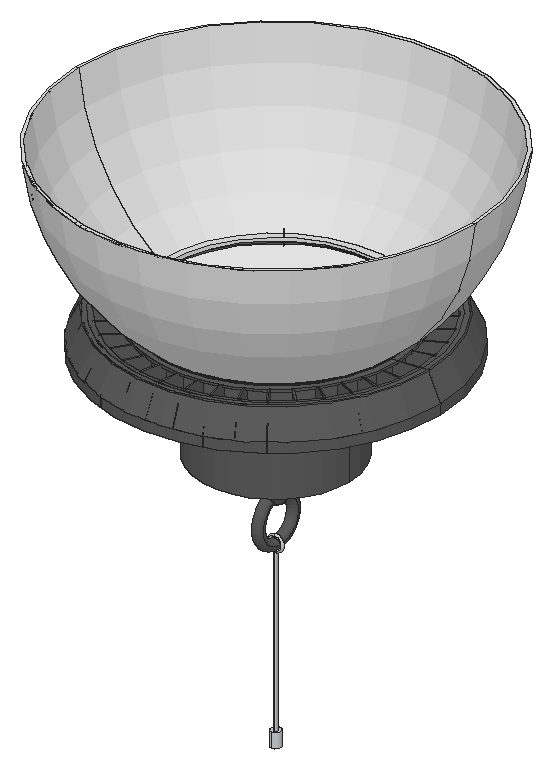
Revit family "0039349+0039359 Feilo Sylvania Lighting Fixture START HIGHBAY 4K 26KLM WIDE with ALU SHADE ALU COLOR FOR 26KLM", category Lighting Fixtures, host Face, Revit 2017
Family settings
  Host = Face
  Round Connector Dimension = Use Diameter
  Part Type = Normal
  OmniClass Number = 23.80.70.00
  OmniClass Title = Lighting
  Cut with Voids When Loaded = No
  Light Source = Yes
  Shared = No
  Room Calculation Point = No
Parameters (values of type "0039349+0039359 START HIGHBAY 4K 26KLM WIDE ALU SHADE ALU COLOR FOR 26KLM")
  WidthStraight_FEILO = if(SizeS_FEILO, 3 mm, if(SizeM_FEILO, 4 mm, 4.7 mm))  # 4.7 mm
  WidthRingChamfer_FEILO = if(SizeS_FEILO, 10.3 mm, if(SizeM_FEILO, 11.2 mm, 12.9 mm))  # 12.9 mm
  WidthCurved_FEILO = if(SizeS_FEILO, 17.4 mm, if(SizeM_FEILO, 16.4 mm, 26.2 mm))  # 26.2 mm
  WidthCurvedRing_FEILO = if(SizeS_FEILO, 3 mm, if(SizeM_FEILO, 4 mm, 4.7 mm))  # 4.7 mm
  WidthBracket_FEILO = 40 mm
  Weight = "3.7 kg"
  Wattage Comments = ""
  Wattage = 200 W
  WarrantyStartDate [instance] = "n/a"
  WarrantyGuarantorParts = "n/a"
  WarrantyDurationUnit = "n/a"
  WarrantyDurationParts = "n/a"
  WarrantyDescription = "n/a"
  built-in parameter 1150110 = 1 (stored number, unit not read)
  Voltage = 230 V
  VisibilityBracket_FEILO = no
  URL = "http://www.sylvania-lighting.com"
  TypeName = "START HIGHBAY 4K 26KLM WIDE ALU SHADE ALU COLOR FOR 26KLM"
  Type Image = <None>
  Type Comments = "n/a"
  built-in parameter 1114217 = 1 (stored number, unit not read)
  Tilt Angle = -90.00°
  ThicknessWall_FEILO = 1.5 mm
  ThicknessBracket_FEILO = 1.5 mm
  ThicknessBracketHalf_FEILO = ThicknessBracket_FEILO / 2  # 0.75 mm
  built-in parameter 1150109 = 1 (stored number, unit not read)
  built-in parameter 1150134 = 12
  SuspensionHeight_FEILO [instance] = 400 mm
  built-in parameter 1150113 = 1 (stored number, unit not read)
  SizeS_FEILO = no
  SizeM_FEILO = no
  ShadeThickness_FEILO = 3 mm
  ShadeSizeSM_FEILO = or(SizeS_FEILO, SizeM_FEILO)  # no
  ShadeRadiusOut_FEILO = 205 mm
  ShadeRadiusIn_FEILO = if(ShadeSizeSM_FEILO, 95 mm, 121 mm)  # 121 mm
  ShadeRadiusBend_FEILO = if(ShadeSizeSM_FEILO, 210 mm, 210 mm)  # 210 mm
  ShadeHeight_FEILO = if(ShadeSizeSM_FEILO, 120 mm, 151 mm)  # 151 mm
  SerialNumber [instance] = "n/a"
  Rib4_FEILO = if(SizeS_FEILO, 18.1 mm, if(SizeM_FEILO, 13.6 mm, 14.6 mm))  # 14.6 mm
  Rib3_FEILO = if(SizeS_FEILO, 15.3 mm, if(SizeM_FEILO, 17.6 mm, 20.2 mm))  # 20.2 mm
  Rib2_FEILO = if(SizeS_FEILO, 3.6 mm, if(SizeM_FEILO, 3.9 mm, 4.5 mm))  # 4.5 mm
  Rib1_FEILO = if(SizeS_FEILO, 15.1 mm, if(SizeM_FEILO, 16.5 mm, 19 mm))  # 19 mm
  RadiusDiffuser_FEILO = if(SizeS_FEILO, 95.2 mm, if(SizeM_FEILO, 105.3 mm, 120 mm))  # 120 mm
  RadiusArrayPost_FEILO = DriverRadius_FEILO - 6 mm  # 70.4 mm
  RHRadius3_FEILO = if(SizeS_FEILO, 6.6 mm, if(SizeM_FEILO, 7.4 mm, 8.6 mm))  # 8.6 mm
  RHRadius2_FEILO = if(SizeS_FEILO, 11 mm, if(SizeM_FEILO, 12 mm, 14 mm))  # 14 mm
  RHRadius1_FEILO = if(SizeS_FEILO, 13.6 mm, if(SizeM_FEILO, 14.9 mm, 17.7 mm))  # 17.7 mm
  RHHeight4_FEILO = if(SizeS_FEILO, 7.3 mm, if(SizeM_FEILO, 8 mm, 9.2 mm))  # 9.2 mm
  RHHeight3_FEILO = if(SizeS_FEILO, 3.6 mm, if(SizeM_FEILO, 3.7 mm, 4.6 mm))  # 4.6 mm
  RHHeight2_FEILO = if(SizeS_FEILO, 2 mm, if(SizeM_FEILO, 2.2 mm, 2.6 mm))  # 2.6 mm
  RHHeight1_FEILO = if(SizeS_FEILO, 11.8 mm, if(SizeM_FEILO, 15.3 mm, 17.4 mm))  # 17.4 mm
  Photometric Web File = "0039349+0039359.ies"
  Material_5_FEILO = Shade-Sylvania-StartHighbay-Alu
  Material_3_FEILO = LED-Sylvania-StartHighbay-Glow
  PowerFactor = 0.95
  PowerConsumption = "200 W"
  NominalLength = 339 mm
  NominalHeight = 194 mm
  NominalDepth = 339 mm
  Name = "START HIGHBAY 4K 26KLM WIDE ALU SHADE ALU COLOR FOR 26KLM"
  ModelReference = Name  # "START HIGHBAY 4K 26KLM WIDE ALU SHADE ALU COLOR FOR 26KLM"
  ModelNumber = "0039349+0039359"
  Model = Name  # "START HIGHBAY 4K 26KLM WIDE ALU SHADE ALU COLOR FOR 26KLM"
  Material = "aluminium alloy housing, polycarbonate diffuser"
  ManufacturerName = "Feilo Sylvania"
  Manufacturer = "Feilo Sylvania"
  LuminousEfficacy = "130 lm/W"
  built-in parameter 1150105 = 14870 (stored number, unit not read)
  Lumens = 26000 lm
  LuminaireType = ""
  built-in parameter 1150115 = 1 (stored number, unit not read)
  LightOutputRatio = "n/a"
  built-in parameter 1150137 = (empty or 0)
  built-in parameter 1150139 = (empty or 0)
  LampsType = Lamp  # "LED"
  LampNominalLuminous = "26000 lm"
  LampMacAdamStep = "n/a"
  LampColourTemperature = "4000 K"
  LampColourRenderingIndex = "80"
  built-in parameter 1150112 = 1 (stored number, unit not read)
  built-in parameter 1150114 = 1 (stored number, unit not read)
  Lamp = "LED"
  Keynote = "16500"
  InstallationDate [instance] = "n/a"
  InputVoltage = "220-240V~"
  InputNominalFrequency = "50/60 Hz"
  built-in parameter 1150132 = (empty or 0)
  built-in parameter 1150102 = (empty or 0)
  built-in parameter 1150107 = 4000 (stored number, unit not read)
  built-in parameter 1150138 = (empty or 0)
  IngressProtection = "IP65"
  ImpactProtectionIndex = "IK08"
  built-in parameter 1150106 = 148.7 (stored number, unit not read)
  IfcExportType = "IfcLightFixtureType"
  IfcExportAs = "IfcLightFixtureType"
  HeightRing_FEILO = if(SizeS_FEILO, 19.8 mm, if(SizeM_FEILO, 32 mm, 36.8 mm))  # 36.8 mm
  HeightRingChamfer_FEILO = if(SizeS_FEILO, 11.7 mm, if(SizeM_FEILO, 23.2 mm, 26.6 mm))  # 26.6 mm
  EyeThickness_FEILO = if(SizeS_FEILO, 8.4 mm, if(SizeM_FEILO, 9.2 mm, 10.5 mm))  # 10.5 mm
  EyeThicknessHalf_FEILO = EyeThickness_FEILO / 2  # 5.25 mm
  EyeInner_FEILO = if(SizeS_FEILO, 13.8 mm, if(SizeM_FEILO, 15.1 mm, 17.3 mm))  # 17.3 mm
  ExpectedLife = 50000
  Emit from Circle Diameter = RadiusDiffuser_FEILO * 2  # 240 mm
  Emit Shape Visible in Rendering = no
  ElectricShockClassification = "Class I"
  built-in parameter 1150104 = 12.077 (stored number, unit not read)
  DurationUnit = "hours"
  DriverVerticalStraight_FEILO = if(SizeS_FEILO, 46.5 mm, if(SizeM_FEILO, 49.7 mm, 57 mm))  # 57 mm
  DriverVerticalChamfer_FEILO = if(SizeS_FEILO, 7.5 mm, if(SizeM_FEILO, 8.2 mm, 9.5 mm))  # 9.5 mm
  DriverRadius_FEILO = if(SizeS_FEILO, 61.4 mm, if(SizeM_FEILO, 67.2 mm, 76.4 mm))  # 76.4 mm
  DriverRadiusTop_FEILO = if(SizeS_FEILO, 42 mm, if(SizeM_FEILO, 45.3 mm, 52.4 mm))  # 52.4 mm
  DriverBottom_FEILO = if(SizeS_FEILO, 56 mm, if(SizeM_FEILO, 64.5 mm, 74 mm))  # 74 mm
  DocumentationLiterature = "http://www.sylvania-lighting.com/product/en-int/products/0039349"
  DimmingControlOptions = "n/a"
  Material_2_FEILO = Diffuser-Sylvania-StartHighbay-Transparent
  Radius_FEILO = if(SizeS_FEILO, 135 mm, if(SizeM_FEILO, 148 mm, 169.5 mm))  # 169.5 mm
  Dimming Lamp Color Temperature Shift = <None>
  DiameterWire_FEILO = 3 mm
  DiameterWireSupport_FEILO = 10 mm
  Description = "START HIGHBAY, includes 1 m cables, black aluminium housing, 26000LM, 200W, 130lm/W, 4000K, Driver current: 5000mA, CR80, 90° beam angle, 1-10V dimmable,  IP65, IK08, 50,000 hrs (L70B50), (LxWxH) 339x339x194mm"
  Default Elevation = 1219.2 mm
  CreatedOn = "2/28/2018"
  CreatedBy = ""
  Cost = 0
  Color Filter = 16777215
  built-in parameter 1114216 [instance] = (empty or 0)
  ClassificationValue = "EF_70_80"
  ClassificationName = "Uniclass2015"
  Material_1_FEILO = Body-Sylvania-StartHighbay-Black
  BarCode [instance] = "n/a"
  built-in parameter 1114218 = 1 (stored number, unit not read)
  built-in parameter 1150133 = 10 (stored number, unit not read)
  AssetType = "Fixed"
  AssetIdentifier [instance] = "n/a"
  Assembly Code = "D5020200"
  Apparent Load = 200 VA
  Material_4_FEILO = Shade-Sylvania-StartHighbay-Alu
Reference planes
  plane 1 "Center (Front/Back)": y = 0
  plane 2: z = 0
  plane 3 "Center (Left/Right)": x = 0
  plane 4: z = 400
  plane 5: x = -169.5
  plane 6: x = -156.6
  plane 7: z = 373.4
  plane 8: z = 363.2
  plane 9: x = -151.9
  plane 10: z = 397.375
  plane 11: x = -125.7
  plane 12: x = -120
  plane 13: x = -147.2
  plane 14: z = 398.375
  plane 15: z = 396.375
  plane 16: x = -117
  plane 17: z = 395.375
  plane 18: x = -168
  plane 19: x = -150.5
  plane 20: z = 358.7
  plane 21: x = -130.3
  plane 22: z = 344.1
  plane 23: x = -20
  plane 24: z = 326
  plane 25: x = -76.4
  plane 26: z = 269
  plane 27: x = -52.4
  plane 28: z = 259.5
  plane 29: x = -17.7
  plane 30: z = 242.1
  plane 31: z = 239.5
  plane 32: x = -14
  plane 33: z = 234.9
  plane 34: z = 225.7
  plane 35: x = -8.6
  plane 36: z = 208.4
  plane 37: z = 191.1
  plane 38: x = 5.25
  plane 39: x = -5.25
  plane 40: z = 180.6
  plane 41: z = 185.85
  plane 42: x = -162.3
  plane 43: x = -167
  plane 44: z = 361.7
  plane 45: x = -155.1
  plane 46: z = 297.5
  plane 47: y = -20
  plane 48: y = 20
  plane 49: x = 169.5
  plane 50: x = 156.6
  plane 51: x = 168
  plane 52: x = 162.3
  plane 53: x = 167
  plane 54: x = 155.1
  plane 55: z = 194.1
  plane 56: y = 1.5
  plane 57: y = -1.5
  plane 58: z = 192.6
  plane 59: z = 179.1
  plane 60: z = 177.6
  plane 61: y = -5
  plane 62: y = 5
  plane 63: z = 14
  plane 64: x = -205
  plane 65: z = 551
  plane 66: x = -121
  plane 67: x = -113
  plane 68: x = -202
  plane 69: z = 403
Forms (mm)
  Revolve 1, solid, material "Body-Sylvania-StartHighbay-Black" <- "Material_1_FEILO", detail levels medium+fine
    sketch origin (0, 0, 0) x (1, 0, 0) y (0, 0, 1)
      loop
        line (-169.5, 363.2) -> (-168, 363.2) -> (-168, 373.055) -> (-156.206, 397.375) -> (-147.2, 397.375) -> (-147.2, 399.137)
        arc (-147.2, 399.137) -> (-149.554, 399.547) -> (-151.9, 400) r 132.063
        line (-151.9, 400) -> (-156.141, 400)
        arc (-156.141, 400) -> (-156.63, 399.826) -> (-156.899, 399.383) r 0.774
        line (-156.899, 399.383) -> (-169.5, 373.4) -> (-169.5, 363.2)
      axis (0, 400) -> (0, 363.2)
    angle from 360 to 0
  Revolve 2, solid, material "Body-Sylvania-StartHighbay-Black" <- "Material_1_FEILO", detail levels medium+fine
    sketch origin (0, 0, 0) x (1, 0, 0) y (0, 0, 1)
      loop
        line (-125.7, 395.375) -> (-120, 395.375) -> (-120, 373.4) -> (0, 373.4) -> (0, 395.375) -> (-117, 395.375) -> (-117, 396.375) -> (-120, 396.375) -> (-120, 397.375) -> (-125.7, 397.375) -> (-125.7, 395.375)
      axis (0, 397.375) -> (0, 373.4)
    angle from 360 to 0
  Revolve 3, solid, material "Diffuser-Sylvania-StartHighbay-Transparent" <- "Material_2_FEILO", detail levels medium+fine
    sketch origin (0, 0, 0) x (1, 0, 0) y (0, 0, 1)
      loop
        line (-120, 396.375) -> (0, 396.375) -> (0, 398.375) -> (-120, 398.375) -> (-120, 396.375)
      axis (0, 398.375) -> (0, 396.375)
    angle from 360 to 0
  Revolve 4, solid, material "Body-Sylvania-StartHighbay-Black" <- "Material_1_FEILO"
    sketch origin (0, 0, 0) x (1, 0, 0) y (0, 0, 1)
      loop
        line (-76.4, 344.1) -> (-76.4, 269) -> (-52.4, 259.5) -> (-17.7, 259.5) -> (-17.7, 242.1) -> (-14, 239.5) -> (-14, 234.9) -> (-9.037, 226.426)
        arc (-9.037, 226.426) -> (-8.49, 225.894) -> (-7.753, 225.7) r 1.5
        line (-7.753, 225.7) -> (0, 225.7) -> (0, 344.1) -> (-76.4, 344.1)
      axis (0, 344.1) -> (0, 225.7)
    angle from 360 to 0
  Revolve 5, solid, material "Body-Sylvania-StartHighbay-Black" <- "Material_1_FEILO"
    sketch origin (0, 0, 0) x (1, 0, 0) y (0, 0, 1)
      loop
        circle (0, 185.85) r 5.25
      axis (5.25, 208.4) -> (-5.25, 208.4)
    angle from 360 to 0
  Extrusion 6, solid, material "Body-Sylvania-StartHighbay-Black" <- "Material_1_FEILO", visible <- "VisibilityBracket_FEILO"
    sketch origin (0, 0, 0) x (1, 0, 0) y (0, 0, 1)
      loop
        line (-167, 363.2) -> (-167, 361.7) -> (-157.35, 361.7)
        arc (-157.35, 361.7) -> (-156.82, 361.48) -> (-156.6, 360.95) r 0.75
        line (-156.6, 360.95) -> (-156.6, 297.5) -> (-155.1, 297.5) -> (-155.1, 361.7)
        arc (-155.1, 361.7) -> (-155.539, 362.761) -> (-156.6, 363.2) r 1.5
        line (-156.6, 363.2) -> (-167, 363.2)
      loop
        line (167, 363.2) -> (156.6, 363.2)
        arc (156.6, 363.2) -> (155.539, 362.761) -> (155.1, 361.7) r 1.5
        line (155.1, 361.7) -> (155.1, 297.5) -> (156.6, 297.5) -> (156.6, 360.95)
        arc (156.6, 360.95) -> (156.82, 361.48) -> (157.35, 361.7) r 0.75
        line (157.35, 361.7) -> (167, 361.7) -> (167, 363.2)
    from -20 to 20
  Extrusion 7, void
    sketch origin (0, 0, 0) x (0, 1, 0) y (0, 0, 1)
      loop
        arc (-10, 297.5) -> (-17.071, 300.429) -> (-20, 307.5) r 10
        line (-20, 307.5) -> (-25, 307.5) -> (-25, 292.5) -> (-10, 292.5) -> (-10, 297.5)
      loop
        line (10, 297.5) -> (10, 292.5) -> (25, 292.5) -> (25, 307.5) -> (20, 307.5)
        arc (20, 307.5) -> (17.071, 300.429) -> (10, 297.5) r 10
    from -156.6 to 156.6
  Revolve 8, solid, material "Body-Sylvania-StartHighbay-Black" <- "Material_1_FEILO", detail levels coarse
    sketch origin (0, 0, 0) x (1, 0, 0) y (0, 0, 1)
      loop
        line (0, 400) -> (-156.6, 400) -> (-169.5, 373.4) -> (-169.5, 363.2) -> (-150.5, 363.2) -> (-150.5, 358.7) -> (-130.3, 344.1) -> (0, 344.1) -> (0, 400)
      axis (0, 400) -> (0, 344.1)
    angle from 360 to 0
  Revolve 9, solid
    sketch origin (0, 0, 0) x (0, 1, 0) y (0, 0, 1)
      loop
        circle (0, 192.6) r 1.5
      axis (1.5, 185.85) -> (-1.5, 185.85)
    angle from 360 to 0
  Revolve 10, solid
    sketch origin (0, 0, 0) x (0, 1, 0) y (0, 0, 1)
      loop
        line (0, 0) -> (0, 179.1) -> (-1.5, 179.1) -> (-1.5, 14) -> (-5, 14) -> (-5, 0) -> (0, 0)
      axis (0, 0) -> (0, 179.1)
    angle from 360 to 0
  Revolve 11, solid, material "Shade-Sylvania-StartHighbay-Alu" <- "Material_4_FEILO"
    sketch origin (0, 0, 0) x (1, 0, 0) y (0, 0, 1)
      loop
        line (-121, 400) -> (-113, 400) -> (-113, 403) -> (-120.341, 403)
        arc (-120.341, 403) -> (-177.055, 468.269) -> (-202.193, 551) r 207.203
        line (-202.193, 551) -> (-205, 551)
        arc (-205, 551) -> (-179.25, 466.46) -> (-121, 400) r 210
      axis (0, 551) -> (0, 400)
    angle from 360 to 0
Cuts and joins
  Extrusion 7 cuts Extrusion 6
Lines and regions (mm)
  reference lines
    curve 1: line (-169.5, 0, 373.4) -> (-156.6, 0, 400)
    curve 2: line (-125.7, 0, 397.375) -> (0, 0, 397.375)
    curve 3: arc (-125.7, 0, 397.375) -> (-138.866, 0, 398.033) -> (-151.9, 0, 400) r 132.063
    curve 4: line (-156.6, 0, 400) -> (-151.9, 0, 400)
    curve 5: line (-156.206, 0, 397.375) -> (-168, 0, 373.055)
    curve 6: line (-150.5, 0, 358.7) -> (-130.3, 0, 344.1)
    curve 7: line (-14, 0, 234.9) -> (-8.6, 0, 225.7)
    curve 8: circle (0, 0, 185.85) r 5.25 normal (0, -1, 0)
    curve 9: arc (-121, 0, 400) -> (-179.25, 0, 466.46) -> (-205, 0, 551) r 210
Dimensions and locks
  "Radius_FEILO": plane 3 "Center (Left/Right)" to plane 5
  "WidthRingChamfer_FEILO": plane 6 to plane 5
  "WidthStraight_FEILO": plane 9 to plane 6
  "WidthCurvedRing_FEILO": plane 13 to plane 9
  locked: plane 10 to plane 15 at 1
  locked: plane 14 to plane 10 at 1
  locked: plane 4 to plane 10 at 2.625
  locked: plane 15 to plane 17 at 1
  "ThicknessWall_FEILO": plane 18 to plane 5
  "ThicknessWall_FEILO": curve 5 to curve 1
  "HeightRingChamfer_FEILO": plane 4 to plane 7
  "HeightRing_FEILO": plane 4 to plane 8
  "RadiusDiffuser_FEILO": plane 3 "Center (Left/Right)" to plane 12
  locked: plane 16 to plane 12 at 3
  "WidthCurved_FEILO": plane 11 to plane 9
  "SuspensionHeight_FEILO": plane 4 to plane 2
  "Rib1_FEILO": plane 19 to plane 5
  "Rib2_FEILO": plane 8 to plane 20
  "Rib3_FEILO": plane 21 to plane 19
  "Rib4_FEILO": plane 20 to plane 22
  locked: plane 3 "Center (Left/Right)" to plane 23 at 20
  "DriverBottom_FEILO": plane 4 to plane 24
  "DriverRadius_FEILO": plane 3 "Center (Left/Right)" to plane 25
  "DriverVerticalStraight_FEILO": plane 24 to plane 26
  "DriverRadiusTop_FEILO": plane 3 "Center (Left/Right)" to plane 27
  "DriverVerticalChamfer_FEILO": plane 26 to plane 28
  "RHRadius1_FEILO": plane 3 "Center (Left/Right)" to plane 29
  "RHHeight2_FEILO": plane 30 to plane 31
  "RHRadius2_FEILO": plane 3 "Center (Left/Right)" to plane 32
  "RHHeight3_FEILO": plane 31 to plane 33
  "RHHeight4_FEILO": plane 33 to plane 34
  "RHRadius3_FEILO": plane 3 "Center (Left/Right)" to plane 35
  "RHHeight1_FEILO": plane 28 to plane 30
  "EyeInner_FEILO": plane 34 to plane 36
  "EyeInner_FEILO": plane 36 to plane 37
  equal spacing: plane 38, plane 3 "Center (Left/Right)", plane 39
  "EyeThickness_FEILO": plane 38 to plane 39
  "EyeThickness_FEILO": plane 37 to plane 40
  equal spacing: plane 37, plane 41, plane 40
  equal spacing: plane 6, plane 42, plane 18
  "ThicknessBracket_FEILO": plane 45 to plane 6
  "ThicknessBracket_FEILO": plane 8 to plane 44
  locked: plane 43 to plane 18 at 1
  equal spacing: plane 24, plane 46, plane 26
  equal spacing: plane 47, plane 1 "Center (Front/Back)", plane 48
  "WidthBracket_FEILO": plane 47 to plane 48
  "WidthRingChamfer_FEILO": plane 50 to plane 49
  "ThicknessWall_FEILO": plane 51 to plane 49
  equal spacing: plane 50, plane 52, plane 51
  "ThicknessBracket_FEILO": plane 54 to plane 50
  locked: plane 53 to plane 51 at 1
  "Radius_FEILO": plane 49 to plane 3 "Center (Left/Right)"
  equal spacing: plane 57, imposter light, plane 56
  "DiameterWire_FEILO": plane 57 to plane 56
  "DiameterWire_FEILO": plane 37 to plane 55
  equal spacing: plane 37, plane 58, plane 55
  "DiameterWire_FEILO": plane 60 to plane 40
  equal spacing: plane 60, plane 59, plane 40
  equal spacing: plane 61, plane 1 "Center (Front/Back)", plane 62
  "DiameterWireSupport_FEILO": plane 61 to plane 62
  locked: plane 63 to plane 2 at 14
  "ShadeRadiusOut_FEILO": plane 3 "Center (Left/Right)" to plane 64
  "ShadeHeight_FEILO": plane 65 to plane 4
  "ShadeRadiusIn_FEILO": plane 3 "Center (Left/Right)" to plane 66
  locked: plane 67 to plane 66 at 8
  "ShadeThickness_FEILO": plane 69 to plane 4
  "ShadeThickness_FEILO": plane 68 to plane 64
  "EyeThicknessHalf_FEILO": radius of curve 8
  "ThicknessBracket_FEILO": radius of Extrusion 6 sketch curve  (x2)
  "ThicknessBracketHalf_FEILO": radius of Extrusion 6 sketch curve  (x2)
  "DiameterWire_FEILO": diameter of Revolve 9 sketch curve
  "ShadeRadiusBend_FEILO": radius of curve 9
  aligned and locked: plane 2 to host face
  aligned and locked: level to host face
  aligned and locked: plane 5 to curve 1
  aligned and locked: plane 6 to curve 1
  aligned and locked: plane 7 to curve 1
  aligned and locked: plane 10 to curve 2
  aligned and locked: plane 9 to curve 3
  aligned and locked: plane 4 to curve 3
  aligned and locked: plane 11 to curve 3
  aligned and locked: plane 4 to curve 4
  aligned and locked: plane 18 to curve 5
  aligned and locked: plane 10 to curve 5
  aligned and locked: Revolve 1 sketch curve to plane 3 "Center (Left/Right)"
  aligned and locked: Revolve 1 sketch curve to curve 3
  aligned and locked: Revolve 1 sketch curve to curve 1
  aligned and locked: plane 4 to Revolve 1 sketch curve
  aligned and locked: plane 9 to Revolve 1 sketch curve
  aligned and locked: Revolve 1 sketch curve to plane 13
  aligned and locked: Revolve 1 sketch curve to plane 10
  aligned and locked: plane 13 to Revolve 1 sketch curve
  aligned and locked: plane 10 to Revolve 1 sketch curve
  aligned and locked: Revolve 1 sketch curve to plane 18
  aligned and locked: Revolve 1 sketch curve to plane 8
  aligned and locked: plane 5 to Revolve 1 sketch curve  (x2)
  aligned and locked: Revolve 2 sketch curve to plane 3 "Center (Left/Right)"
  aligned and locked: plane 11 to Revolve 2 sketch curve
  aligned and locked: Revolve 2 sketch curve to curve 2
  aligned and locked: plane 15 to Revolve 2 sketch curve
  aligned and locked: Revolve 2 sketch curve to plane 16
  aligned and locked: plane 17 to Revolve 2 sketch curve  (x2)
  aligned and locked: Revolve 2 sketch curve to plane 12
  aligned and locked: plane 7 to Revolve 2 sketch curve
  aligned and locked: Revolve 3 sketch curve to plane 3 "Center (Left/Right)"
  aligned and locked: Revolve 3 sketch curve to plane 14
  aligned and locked: plane 3 "Center (Left/Right)" to Revolve 3 sketch curve
  aligned and locked: Revolve 3 sketch curve to plane 12
  aligned and locked: plane 15 to Revolve 3 sketch curve
  aligned and locked: Revolve 1 sketch curve to curve 5
  aligned and locked: plane 22 to curve 6
  aligned and locked: plane 21 to curve 6
  aligned and locked: plane 20 to curve 6
  aligned and locked: plane 19 to curve 6
  aligned and locked: plane 33 to curve 7
  aligned and locked: plane 32 to curve 7
  aligned and locked: plane 35 to curve 7
  aligned and locked: plane 34 to curve 7
  aligned and locked: Revolve 4 sketch curve to plane 3 "Center (Left/Right)"
  aligned and locked: Revolve 4 sketch curve to plane 25
  aligned and locked: plane 27 to Revolve 4 sketch curve
  aligned and locked: plane 28 to Revolve 4 sketch curve
  aligned and locked: plane 30 to Revolve 4 sketch curve
  aligned and locked: Revolve 4 sketch curve to plane 29
  aligned and locked: plane 31 to Revolve 4 sketch curve
  aligned and locked: Revolve 4 sketch curve to curve 7
  aligned and locked: Revolve 4 sketch curve to plane 32
  aligned and locked: plane 34 to Revolve 4 sketch curve
  aligned and locked: plane 3 "Center (Left/Right)" to Revolve 4 sketch curve
  aligned and locked: plane 3 "Center (Left/Right)" to curve 8
  aligned and locked: plane 41 to curve 8
  aligned and locked: Revolve 5 sketch curve to plane 36
  aligned and locked: Revolve 5 sketch curve to curve 8
  aligned and locked: plane 43 to Extrusion 6 sketch curve  (x2)
  aligned and locked: plane 8 to Extrusion 6 sketch curve  (x3)
  aligned and locked: Extrusion 6 sketch curve to plane 45
  aligned and locked: Extrusion 6 sketch curve to plane 46  (x2)
  aligned and locked: plane 6 to Extrusion 6 sketch curve
  aligned and locked: Extrusion 6 sketch curve to plane 44  (x2)
  aligned and locked: Extrusion 6 to plane 48
  aligned and locked: plane 47 to Extrusion 6
  aligned and locked: plane 53 to Extrusion 6 sketch curve
  aligned and locked: plane 50 to Extrusion 6 sketch curve
  aligned and locked: Extrusion 6 sketch curve to plane 54
  aligned and locked: Extrusion 7 sketch curve to Extrusion 7 sketch curve
  aligned and locked: Extrusion 7 to plane 6
  aligned and locked: Extrusion 7 to Extrusion 6
  aligned and locked: Revolve 4 sketch curve to plane 22
  aligned and locked: plane 23 to nested 1
  aligned and locked: plane 1 "Center (Front/Back)" to nested 1
  aligned and locked: Revolve 8 sketch curve to plane 3 "Center (Left/Right)"
  aligned and locked: Revolve 8 sketch curve to plane 4
  aligned and locked: plane 6 to Revolve 8 sketch curve
  aligned and locked: plane 4 to Revolve 8 sketch curve
  aligned and locked: plane 7 to Revolve 8 sketch curve
  aligned and locked: Revolve 8 sketch curve to plane 5
  aligned and locked: plane 8 to Revolve 8 sketch curve  (x2)
  aligned and locked: Revolve 8 sketch curve to plane 19
  aligned and locked: plane 20 to Revolve 8 sketch curve
  aligned and locked: plane 19 to Revolve 8 sketch curve
  aligned and locked: plane 21 to Revolve 8 sketch curve
  aligned and locked: plane 22 to Revolve 8 sketch curve  (x2)
  aligned and locked: Revolve 8 sketch curve to Revolve 8 sketch curve
  aligned and locked: imposter light to plane 4
  aligned and locked: plane 3 "Center (Left/Right)" to imposter light
  aligned and locked: imposter light to plane 1 "Center (Front/Back)"
  aligned and locked: Revolve 9 sketch curve to plane 41
  aligned and locked: Revolve 10 sketch curve to plane 1 "Center (Front/Back)"
  aligned and locked: plane 1 "Center (Front/Back)" to Revolve 10 sketch curve  (x2)
  aligned and locked: host face to Revolve 10 sketch curve
  aligned and locked: plane 63 to Revolve 10 sketch curve
  aligned and locked: Revolve 10 sketch curve to plane 61
  aligned and locked: Revolve 10 sketch curve to plane 57
  aligned and locked: plane 59 to Revolve 10 sketch curve
  aligned and locked: plane 64 to curve 9
  aligned and locked: plane 65 to curve 9
  aligned and locked: plane 66 to curve 9
  aligned and locked: plane 4 to curve 9
  aligned and locked: Revolve 11 sketch curve to curve 9
  aligned and locked: plane 67 to Revolve 11 sketch curve
  aligned and locked: plane 66 to Revolve 11 sketch curve
  aligned and locked: plane 65 to Revolve 11 sketch curve  (x2)
  aligned and locked: Revolve 11 sketch curve to plane 67
  aligned and locked: plane 69 to Revolve 11 sketch curve
Automatic sketch dimensions
  host sketch curve to host sketch curve = 2438.4 mm  (x2)
  Revolve 1 sketch curve to plane 6 = 0.299 mm
  plane 6 to Revolve 1 sketch curve = 0.459 mm
  Revolve 1 sketch curve to level = 609.6 mm
  Revolve 1 sketch curve to Revolve 1 sketch curve = 2312.223 mm
  Revolve 2 sketch curve to plane 12 = 0 mm
  Revolve 2 sketch curve to plane 3 "Center (Left/Right)" = 0 mm
  Revolve 2 sketch curve to level = 609.6 mm
  Revolve 2 sketch curve to plane 4 = 2339.058 mm
  Revolve 3 sketch curve to level = 609.6 mm
  Revolve 3 sketch curve to plane 4 = 2339.058 mm
  Revolve 5 sketch curve to plane 5 = 1080 mm
  plane 38 to Revolve 5 sketch curve = 1219.2 mm
  Extrusion 7 sketch curve to plane 47 = 0 mm
  plane 46 to Extrusion 7 sketch curve = 0 mm  (x2)
  Extrusion 7 sketch curve to plane 48 = 0 mm
  plane 47 to Extrusion 7 sketch curve = 5 mm
  plane 1 "Center (Front/Back)" to Extrusion 7 sketch curve = 10 mm
  Extrusion 7 sketch curve to Extrusion 7 sketch curve = 10 mm
  plane 46 to Extrusion 7 sketch curve = 5 mm
  Extrusion 7 sketch curve to Extrusion 7 sketch curve = 5 mm
  Extrusion 7 sketch curve to plane 48 = 5 mm
  Revolve 4 sketch curve to plane 26 = 0 mm
  Revolve 4 sketch curve to plane 35 = 0.437 mm
  plane 35 to Revolve 4 sketch curve = 0.847 mm
  Revolve 4 sketch curve to plane 34 = 0.726 mm
  plane 40 to Revolve 4 sketch curve = 590.2 mm
  Revolve 4 sketch curve to plane 4 = 2339.058 mm
  Revolve 8 sketch curve to level = 609.6 mm
  Revolve 8 sketch curve to Revolve 8 sketch curve = 2386.058 mm
  Revolve 9 sketch curve to plane 1 "Center (Front/Back)" = 0 mm
  plane 58 to Revolve 9 sketch curve = 0 mm
  plane 47 to Revolve 9 sketch curve = 2534.941 mm
  Revolve 9 sketch curve to plane 48 = 2077.409 mm
  Revolve 10 sketch curve to Revolve 10 sketch curve = 609.6 mm
  Revolve 10 sketch curve to plane 4 = 2123.807 mm
  curve 2 to plane 3 "Center (Left/Right)" = 0 mm
  Revolve 11 sketch curve to Revolve 11 sketch curve = 0 mm  (x2)
  Revolve 11 sketch curve to plane 3 "Center (Left/Right)" = 0 mm
  plane 66 to Revolve 11 sketch curve = 0.659 mm
  Revolve 11 sketch curve to level = 609.6 mm
  Revolve 11 sketch curve to Revolve 11 sketch curve = 2068.248 mm
Nested families
  nested 1: "Start Highbay Rib" at (0, 0, 397.375), type "Type Name", detail levels medium+fine
    with SuspensionHeight_FEILO 2.6 mm
  nested 2: "Start Highbay Rib" at (0, 0, 397.375) x (0.9877, 0.1564, 0) z (0, 0, 1), type "Type Name", detail levels medium+fine
    with SuspensionHeight_FEILO 2.6 mm
  nested 3: "Start Highbay Rib" at (0, 0, 397.375) x (0.9511, 0.309, 0) z (0, 0, 1), type "Type Name", detail levels medium+fine
    with SuspensionHeight_FEILO 2.6 mm
  nested 4: "Start Highbay Rib" at (0, 0, 397.375) x (0.891, 0.454, 0) z (0, 0, 1), type "Type Name", detail levels medium+fine
    with SuspensionHeight_FEILO 2.6 mm
  nested 5: "Start Highbay Rib" at (0, 0, 397.375) x (0.809, 0.5878, 0) z (0, 0, 1), type "Type Name", detail levels medium+fine
    with SuspensionHeight_FEILO 2.6 mm
  nested 6: "Start Highbay Rib" at (0, 0, 397.375) x (0.7071, 0.7071, 0) z (0, 0, 1), type "Type Name", detail levels medium+fine
    with SuspensionHeight_FEILO 2.6 mm
  nested 7: "Start Highbay Rib" at (0, 0, 397.375) x (0.5878, 0.809, 0) z (0, 0, 1), type "Type Name", detail levels medium+fine
    with SuspensionHeight_FEILO 2.6 mm
  nested 8: "Start Highbay Rib" at (0, 0, 397.375) x (0.454, 0.891, 0) z (0, 0, 1), type "Type Name", detail levels medium+fine
    with SuspensionHeight_FEILO 2.6 mm
  nested 9: "Start Highbay Rib" at (0, 0, 397.375) x (0.309, 0.9511, 0) z (0, 0, 1), type "Type Name", detail levels medium+fine
    with SuspensionHeight_FEILO 2.6 mm
  nested 10: "Start Highbay Rib" at (0, 0, 397.375) x (0.1564, 0.9877, 0) z (0, 0, 1), type "Type Name", detail levels medium+fine
    with SuspensionHeight_FEILO 2.6 mm
  nested 11: "Start Highbay Rib" at (0, 0, 397.375) x (0, 1, 0) z (0, 0, 1), type "Type Name", detail levels medium+fine
    with SuspensionHeight_FEILO 2.6 mm
  nested 12: "Start Highbay Rib" at (0, 0, 397.375) x (-0.1564, 0.9877, 0) z (0, 0, 1), type "Type Name", detail levels medium+fine
    with SuspensionHeight_FEILO 2.6 mm
  nested 13: "Start Highbay Rib" at (0, 0, 397.375) x (-0.309, 0.9511, 0) z (0, 0, 1), type "Type Name", detail levels medium+fine
    with SuspensionHeight_FEILO 2.6 mm
  nested 14: "Start Highbay Rib" at (0, 0, 397.375) x (-0.454, 0.891, 0) z (0, 0, 1), type "Type Name", detail levels medium+fine
    with SuspensionHeight_FEILO 2.6 mm
  nested 15: "Start Highbay Rib" at (0, 0, 397.375) x (-0.5878, 0.809, 0) z (0, 0, 1), type "Type Name", detail levels medium+fine
    with SuspensionHeight_FEILO 2.6 mm
  nested 16: "Start Highbay Rib" at (0, 0, 397.375) x (-0.7071, 0.7071, 0) z (0, 0, 1), type "Type Name", detail levels medium+fine
    with SuspensionHeight_FEILO 2.6 mm
  nested 17: "Start Highbay Rib" at (0, 0, 397.375) x (-0.809, 0.5878, 0) z (0, 0, 1), type "Type Name", detail levels medium+fine
    with SuspensionHeight_FEILO 2.6 mm
  nested 18: "Start Highbay Rib" at (0, 0, 397.375) x (-0.891, 0.454, 0) z (0, 0, 1), type "Type Name", detail levels medium+fine
    with SuspensionHeight_FEILO 2.6 mm
  nested 19: "Start Highbay Rib" at (0, 0, 397.375) x (-0.9511, 0.309, 0) z (0, 0, 1), type "Type Name", detail levels medium+fine
    with SuspensionHeight_FEILO 2.6 mm
  nested 20: "Start Highbay Rib" at (0, 0, 397.375) x (-0.9877, 0.1564, 0) z (0, 0, 1), type "Type Name", detail levels medium+fine
    with SuspensionHeight_FEILO 2.6 mm
  nested 21: "Start Highbay Rib" at (0, 0, 397.375) x (-1, 0, 0) z (0, 0, 1), type "Type Name", detail levels medium+fine
    with SuspensionHeight_FEILO 2.6 mm
  nested 22: "Start Highbay Rib" at (0, 0, 397.375) x (-0.9877, -0.1564, 0) z (0, 0, 1), type "Type Name", detail levels medium+fine
    with SuspensionHeight_FEILO 2.6 mm
  nested 23: "Start Highbay Rib" at (0, 0, 397.375) x (-0.9511, -0.309, 0) z (0, 0, 1), type "Type Name", detail levels medium+fine
    with SuspensionHeight_FEILO 2.6 mm
  nested 24: "Start Highbay Rib" at (0, 0, 397.375) x (-0.891, -0.454, 0) z (0, 0, 1), type "Type Name", detail levels medium+fine
    with SuspensionHeight_FEILO 2.6 mm
  nested 25: "Start Highbay Rib" at (0, 0, 397.375) x (-0.809, -0.5878, 0) z (0, 0, 1), type "Type Name", detail levels medium+fine
    with SuspensionHeight_FEILO 2.6 mm
  nested 26: "Start Highbay Rib" at (0, 0, 397.375) x (-0.7071, -0.7071, 0) z (0, 0, 1), type "Type Name", detail levels medium+fine
    with SuspensionHeight_FEILO 2.6 mm
  nested 27: "Start Highbay Rib" at (0, 0, 397.375) x (-0.5878, -0.809, 0) z (0, 0, 1), type "Type Name", detail levels medium+fine
    with SuspensionHeight_FEILO 2.6 mm
  nested 28: "Start Highbay Rib" at (0, 0, 397.375) x (-0.454, -0.891, 0) z (0, 0, 1), type "Type Name", detail levels medium+fine
    with SuspensionHeight_FEILO 2.6 mm
  nested 29: "Start Highbay Rib" at (0, 0, 397.375) x (-0.309, -0.9511, 0) z (0, 0, 1), type "Type Name", detail levels medium+fine
    with SuspensionHeight_FEILO 2.6 mm
  nested 30: "Start Highbay Rib" at (0, 0, 397.375) x (-0.1564, -0.9877, 0) z (0, 0, 1), type "Type Name", detail levels medium+fine
    with SuspensionHeight_FEILO 2.6 mm
  nested 31: "Start Highbay Rib" at (0, 0, 397.375) x (0, -1, 0) z (0, 0, 1), type "Type Name", detail levels medium+fine
    with SuspensionHeight_FEILO 2.6 mm
  nested 32: "Start Highbay Rib" at (0, 0, 397.375) x (0.1564, -0.9877, 0) z (0, 0, 1), type "Type Name", detail levels medium+fine
    with SuspensionHeight_FEILO 2.6 mm
  nested 33: "Start Highbay Rib" at (0, 0, 397.375) x (0.309, -0.9511, 0) z (0, 0, 1), type "Type Name", detail levels medium+fine
    with SuspensionHeight_FEILO 2.6 mm
  nested 34: "Start Highbay Rib" at (0, 0, 397.375) x (0.454, -0.891, 0) z (0, 0, 1), type "Type Name", detail levels medium+fine
    with SuspensionHeight_FEILO 2.6 mm
  nested 35: "Start Highbay Rib" at (0, 0, 397.375) x (0.5878, -0.809, 0) z (0, 0, 1), type "Type Name", detail levels medium+fine
    with SuspensionHeight_FEILO 2.6 mm
  nested 36: "Start Highbay Rib" at (0, 0, 397.375) x (0.7071, -0.7071, 0) z (0, 0, 1), type "Type Name", detail levels medium+fine
    with SuspensionHeight_FEILO 2.6 mm
  nested 37: "Start Highbay Rib" at (0, 0, 397.375) x (0.809, -0.5878, 0) z (0, 0, 1), type "Type Name", detail levels medium+fine
    with SuspensionHeight_FEILO 2.6 mm
  nested 38: "Start Highbay Rib" at (0, 0, 397.375) x (0.891, -0.454, 0) z (0, 0, 1), type "Type Name", detail levels medium+fine
    with SuspensionHeight_FEILO 2.6 mm
  nested 39: "Start Highbay Rib" at (0, 0, 397.375) x (0.9511, -0.309, 0) z (0, 0, 1), type "Type Name", detail levels medium+fine
    with SuspensionHeight_FEILO 2.6 mm
  nested 40: "Start Highbay Rib" at (0, 0, 397.375) x (0.9877, -0.1564, 0) z (0, 0, 1), type "Type Name", detail levels medium+fine
    with SuspensionHeight_FEILO 2.6 mm
Connectors
  electrical at (0, 0, 0), driven by "Apparent Load", driven by "PowerFactor", driven by "Voltage"
    settings: index 1, voltage 230 V, apparent load 200 VA, apparent load phase1 0 VA, apparent load phase2 0 VA, apparent load phase3 0 VA, power factor 0.95, load classification "Lighting", number of poles 1, system type 30, power factor state 1, is connector primary yes, connector utility no, sub classification motor no, connector description ""
Definition of nested family "Start Highbay Rib"
  Parameters (values of type "Type Name")
    WidthStraight_FEILO = if(SizeS_FEILO, 3 mm, if(SizeM_FEILO, 4 mm, 4.7 mm))  # 3 mm
    WidthRingChamfer_FEILO = if(SizeS_FEILO, 10.3 mm, if(SizeM_FEILO, 11.2 mm, 12.9 mm))  # 10.3 mm
    WidthCurved_FEILO = if(SizeS_FEILO, 17.4 mm, if(SizeM_FEILO, 16.4 mm, 26.2 mm))  # 17.4 mm
    WidthCurvedRing_FEILO = if(SizeS_FEILO, 3 mm, if(SizeM_FEILO, 4 mm, 4.7 mm))  # 3 mm
    WidthBracket_FEILO = 40 mm
    URL = "http://www.feilosylvania.com"
    Type Image = (empty or 0)
    Type Comments = "n/a"
    ThicknessWall_FEILO = 1.5 mm
    ThicknessBracket_FEILO = 1.5 mm
    ThicknessBracketHalf_FEILO = ThicknessBracket_FEILO / 2  # 0.75 mm
    SuspensionHeight_FEILO [instance] = 2.6 mm
    SizeS_FEILO = yes
    SizeM_FEILO = no
    Rib4_FEILO = if(SizeS_FEILO, 18.1 mm, if(SizeM_FEILO, 13.6 mm, 14.6 mm))  # 18.1 mm
    Rib3_FEILO = if(SizeS_FEILO, 15.3 mm, if(SizeM_FEILO, 17.6 mm, 20.2 mm))  # 15.3 mm
    Rib2_FEILO = if(SizeS_FEILO, 3.6 mm, if(SizeM_FEILO, 3.9 mm, 4.5 mm))  # 3.6 mm
    Rib1_FEILO = if(SizeS_FEILO, 15.1 mm, if(SizeM_FEILO, 16.5 mm, 19 mm))  # 15.1 mm
    RadiusRib_FEILO = 2 mm
    RadiusDiffuser_FEILO = if(SizeS_FEILO, 95.2 mm, if(SizeM_FEILO, 105.3 mm, 120 mm))  # 95.2 mm
    RHRadius3_FEILO = if(SizeS_FEILO, 6.6 mm, if(SizeM_FEILO, 7.4 mm, 8.6 mm))  # 6.6 mm
    RHRadius2_FEILO = if(SizeS_FEILO, 11 mm, if(SizeM_FEILO, 12 mm, 14 mm))  # 11 mm
    RHRadius1_FEILO = if(SizeS_FEILO, 13.6 mm, if(SizeM_FEILO, 14.9 mm, 17.7 mm))  # 13.6 mm
    RHHeight4_FEILO = if(SizeS_FEILO, 7.3 mm, if(SizeM_FEILO, 8 mm, 9.2 mm))  # 7.3 mm
    RHHeight3_FEILO = if(SizeS_FEILO, 3.6 mm, if(SizeM_FEILO, 3.7 mm, 4.6 mm))  # 3.6 mm
    RHHeight2_FEILO = if(SizeS_FEILO, 2 mm, if(SizeM_FEILO, 2.2 mm, 2.6 mm))  # 2 mm
    RHHeight1_FEILO = if(SizeS_FEILO, 11.8 mm, if(SizeM_FEILO, 15.3 mm, 17.4 mm))  # 11.8 mm
    Material_3_FEILO = none
    Model = ""
    Manufacturer = "Feilo Sylvania"
    Keynote = "16500"
    HeightRing_FEILO = if(SizeS_FEILO, 19.8 mm, if(SizeM_FEILO, 32 mm, 36.8 mm))  # 19.8 mm
    HeightRingChamfer_FEILO = if(SizeS_FEILO, 11.7 mm, if(SizeM_FEILO, 23.2 mm, 26.6 mm))  # 11.7 mm
    EyeThickness_FEILO = if(SizeS_FEILO, 8.4 mm, if(SizeM_FEILO, 9.2 mm, 10.5 mm))  # 8.4 mm
    EyeThicknessHalf_FEILO = EyeThickness_FEILO / 2  # 4.2 mm
    EyeInner_FEILO = if(SizeS_FEILO, 13.8 mm, if(SizeM_FEILO, 15.1 mm, 17.3 mm))  # 13.8 mm
    DriverVerticalStraight_FEILO = if(SizeS_FEILO, 46.5 mm, if(SizeM_FEILO, 49.7 mm, 57 mm))  # 46.5 mm
    DriverVerticalChamfer_FEILO = if(SizeS_FEILO, 7.5 mm, if(SizeM_FEILO, 8.2 mm, 9.5 mm))  # 7.5 mm
    DriverRadius_FEILO = if(SizeS_FEILO, 61.4 mm, if(SizeM_FEILO, 67.2 mm, 76.4 mm))  # 61.4 mm
    DriverRadiusTop_FEILO = if(SizeS_FEILO, 42 mm, if(SizeM_FEILO, 45.3 mm, 52.4 mm))  # 42 mm
    DriverBottom_FEILO = if(SizeS_FEILO, 56 mm, if(SizeM_FEILO, 64.5 mm, 74 mm))  # 56 mm
    Material_2_FEILO = none
    Radius_FEILO = if(SizeS_FEILO, 135 mm, if(SizeM_FEILO, 148 mm, 169.5 mm))  # 135 mm
    Description = ""
    Default Elevation = 1219.2 mm
    Cost = 0
    Material_1_FEILO = none
    Assembly Code = "D5020200"
    Material_4_FEILO = none
  Reference planes
    plane 1 "Center (Front/Back)": y = 0
    plane 2: z = 0
    plane 3 "Center (Left/Right)": x = 0
    plane 4: z = 2.6
    plane 5: x = -135
    plane 6: x = -124.7
    plane 7: z = -9.1
    plane 8: z = -17.2
    plane 9: x = -121.7
    plane 10: z = -0.025
    plane 11: x = -104.3
    plane 12: x = -95.2
    plane 13: x = -118.7
    plane 14: z = 0.975
    plane 15: z = -1.025
    plane 16: x = -92.2
    plane 17: z = -2.025
    plane 18: x = -133.5
    plane 19: x = -119.9
    plane 20: z = -20.8
    plane 21: x = -104.6
    plane 22: z = -38.9
    plane 23: x = -20
    plane 24: z = -53.4
    plane 25: x = -61.4
    plane 26: z = -99.9
    plane 27: x = -42
    plane 28: z = -107.4
    plane 29: x = -13.6
    plane 30: z = -119.2
    plane 31: z = -121.2
    plane 32: x = -11
    plane 33: z = -124.8
    plane 34: z = -132.1
    plane 35: x = -6.6
    plane 36: z = -145.9
    plane 37: z = -159.7
    plane 38: x = 4.2
    plane 39: x = -4.2
    plane 40: z = -168.1
    plane 41: z = -163.9
    plane 42: x = -129.1
    plane 43: x = -132.5
    plane 44: z = -18.7
    plane 45: x = -123.2
    plane 46: z = -76.65
    plane 47: y = -20
    plane 48: y = 20
    plane 49: x = 135
    plane 50: x = 124.7
    plane 51: x = 133.5
    plane 52: x = 129.1
    plane 53: x = 132.5
    plane 54: x = 123.2
    plane 55: y = 0.75
    plane 56: y = -0.75
  Forms (mm)
    Extrusion 1, solid
      sketch origin (4.2, 0, 0) x (1, 0, 0) y (0, 1, 0)
        loop
          line (-1219.2, 1219.2) -> (-1219.2, -1219.2) -> (1219.2, -1219.2) -> (1219.2, 1219.2) -> (-1219.2, 1219.2)
      from 0 to -68.017
    Extrusion 2, solid, material <- "Material_1_FEILO"
      sketch origin (0, 0, 0) x (1, 0, 0) y (0, 0, 1)
        loop
          arc (-104.3, -0.025) -> (-111.555, 0.423) -> (-118.7, 1.76) r 58.981
          line (-118.7, 1.76) -> (-118.7, -0.025) -> (-125.012, -0.025) -> (-133.5, -9.666) -> (-133.5, -17.2) -> (-119.9, -17.2) -> (-119.9, -20.068)
          arc (-119.9, -20.068) -> (-119.778, -20.755) -> (-119.427, -21.359) r 2
          line (-119.427, -21.359) -> (-104.966, -38.467)
          arc (-104.966, -38.467) -> (-104.381, -38.789) -> (-103.723, -38.9) r 2
          line (-103.723, -38.9) -> (-20, -38.9) -> (-20, -9.1) -> (-95.2, -9.1) -> (-95.2, -2.025) -> (-104.3, -2.025) -> (-104.3, -0.025)
      from -0.75 to 0.75
  Lines and regions (mm)
    reference lines
      curve 1: line (-135, 0, -9.1) -> (-124.7, 0, 2.6)
      curve 2: line (-104.3, 0, -0.025) -> (0, 0, -0.025)
      curve 3: arc (-104.3, 0, -0.025) -> (-113.098, 0, 0.635) -> (-121.7, 0, 2.6) r 58.981
      curve 4: line (-124.7, 0, 2.6) -> (-121.7, 0, 2.6)
      curve 5: line (-125.012, 0, -0.025) -> (-133.5, 0, -9.666)
      curve 6: line (-119.9, 0, -20.8) -> (-104.6, 0, -38.9)
  Dimensions and locks
    "Radius_FEILO": plane 3 "Center (Left/Right)" to plane 5
    "WidthRingChamfer_FEILO": plane 6 to plane 5
    "WidthStraight_FEILO": plane 9 to plane 6
    "WidthCurvedRing_FEILO": plane 13 to plane 9
    locked: plane 10 to plane 15 at 1
    locked: plane 14 to plane 10 at 1
    locked: plane 4 to plane 10 at 2.625
    locked: plane 15 to plane 17 at 1
    "ThicknessWall_FEILO": plane 18 to plane 5
    "ThicknessWall_FEILO": curve 5 to curve 1
    "HeightRingChamfer_FEILO": plane 4 to plane 7
    "HeightRing_FEILO": plane 4 to plane 8
    "RadiusDiffuser_FEILO": plane 3 "Center (Left/Right)" to plane 12
    locked: plane 16 to plane 12 at 3
    "WidthCurved_FEILO": plane 11 to plane 9
    "SuspensionHeight_FEILO": plane 4 to plane 2
    "Rib1_FEILO": plane 19 to plane 5
    "Rib2_FEILO": plane 8 to plane 20
    "Rib3_FEILO": plane 21 to plane 19
    "Rib4_FEILO": plane 20 to plane 22
    locked: plane 3 "Center (Left/Right)" to plane 23 at 20
    "DriverBottom_FEILO": plane 4 to plane 24
    "DriverRadius_FEILO": plane 3 "Center (Left/Right)" to plane 25
    "DriverVerticalStraight_FEILO": plane 24 to plane 26
    "DriverRadiusTop_FEILO": plane 3 "Center (Left/Right)" to plane 27
    "DriverVerticalChamfer_FEILO": plane 26 to plane 28
    "RHRadius1_FEILO": plane 3 "Center (Left/Right)" to plane 29
    "RHHeight2_FEILO": plane 30 to plane 31
    "RHRadius2_FEILO": plane 3 "Center (Left/Right)" to plane 32
    "RHHeight3_FEILO": plane 31 to plane 33
    "RHHeight4_FEILO": plane 33 to plane 34
    "RHRadius3_FEILO": plane 3 "Center (Left/Right)" to plane 35
    "RHHeight1_FEILO": plane 28 to plane 30
    "EyeInner_FEILO": plane 34 to plane 36
    "EyeInner_FEILO": plane 36 to plane 37
    equal spacing: plane 38, plane 3 "Center (Left/Right)", plane 39
    "EyeThickness_FEILO": plane 38 to plane 39
    "EyeThickness_FEILO": plane 37 to plane 40
    equal spacing: plane 37, plane 41, plane 40
    equal spacing: plane 6, plane 42, plane 18
    "ThicknessBracket_FEILO": plane 45 to plane 6
    "ThicknessBracket_FEILO": plane 8 to plane 44
    locked: plane 43 to plane 18 at 1
    equal spacing: plane 24, plane 46, plane 26
    equal spacing: plane 47, plane 1 "Center (Front/Back)", plane 48
    "WidthBracket_FEILO": plane 47 to plane 48
    "WidthRingChamfer_FEILO": plane 50 to plane 49
    "ThicknessWall_FEILO": plane 51 to plane 49
    equal spacing: plane 50, plane 52, plane 51
    "ThicknessBracket_FEILO": plane 54 to plane 50
    locked: plane 53 to plane 51 at 1
    "Radius_FEILO": plane 49 to plane 3 "Center (Left/Right)"
    equal spacing: plane 56, plane 1 "Center (Front/Back)", plane 55
    "ThicknessWall_FEILO": plane 56 to plane 55
    "RadiusRib_FEILO": radius of Extrusion 2 sketch curve  (x2)
    aligned and locked: plane 2 to Extrusion 1
    aligned and locked: level to Extrusion 1
    aligned and locked: plane 5 to curve 1
    aligned and locked: plane 6 to curve 1
    aligned and locked: plane 7 to curve 1
    aligned and locked: plane 10 to curve 2
    aligned and locked: plane 9 to curve 3
    aligned and locked: plane 4 to curve 3
    aligned and locked: plane 11 to curve 3
    aligned and locked: plane 4 to curve 4
    aligned and locked: plane 18 to curve 5
    aligned and locked: plane 10 to curve 5
    aligned and locked: plane 22 to curve 6
    aligned and locked: plane 21 to curve 6
    aligned and locked: plane 20 to curve 6
    aligned and locked: plane 19 to curve 6
    aligned and locked: Extrusion 2 sketch curve to plane 23
    aligned and locked: Extrusion 2 sketch curve to plane 22
    aligned and locked: Extrusion 2 sketch curve to curve 6
    aligned and locked: plane 19 to Extrusion 2 sketch curve
    aligned and locked: Extrusion 2 sketch curve to plane 8
    aligned and locked: Extrusion 2 sketch curve to curve 5
    aligned and locked: Extrusion 2 sketch curve to curve 3
    aligned and locked: Extrusion 2 to plane 55
    aligned and locked: plane 56 to Extrusion 2
    aligned and locked: curve 6 to Extrusion 2 sketch curve
  Automatic sketch dimensions
    Extrusion 1 sketch curve to Extrusion 1 sketch curve = 2438.4 mm  (x2)
    curve 2 to plane 3 "Center (Left/Right)" = 0 mm
    Extrusion 2 sketch curve to plane 18 = 0 mm
    Extrusion 2 sketch curve to plane 10 = 0 mm
    Extrusion 2 sketch curve to plane 13 = 0 mm
    Extrusion 2 sketch curve to plane 7 = 0 mm
    Extrusion 2 sketch curve to plane 12 = 0 mm
    Extrusion 2 sketch curve to plane 17 = 0 mm
    plane 19 to Extrusion 2 sketch curve = 0.473 mm
    Extrusion 2 sketch curve to plane 21 = 0.366 mm
